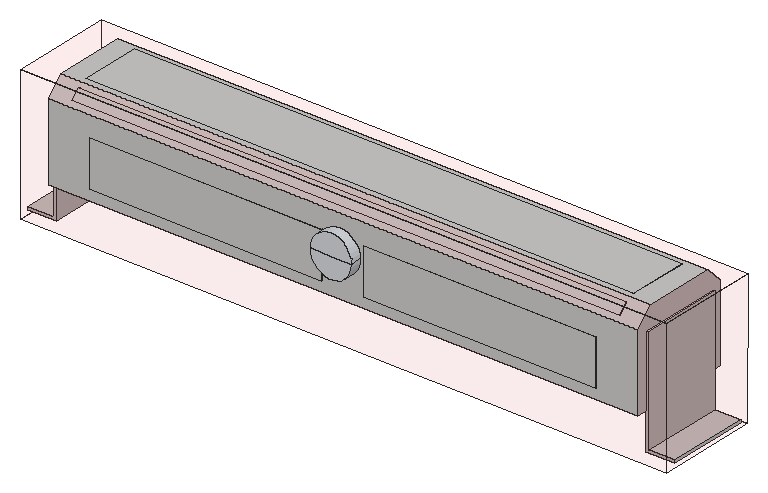
Revit family "Air-Curtain_Window-PassThru_PoweredAire_PTW", category Mechanical Equipment, host Face, Revit 2016
Family settings
  Host = Face
  Part Type = Normal
  Round Connector Dimension = Use Diameter
  OmniClass Number = 23.75.35.17.21
  OmniClass Title = Air Curtains
  Cut with Voids When Loaded = No
  Shared = No
  Room Calculation Point = No
Parameters (values of type "Elec Heat")
  Warranty Duration (Years) = 0
  Mounting Above Unit [instance] = not(Mounting Behind Unit)  # no
  Unit Width Notes = "Other Widths available."  # constant formula
  Unit Width = 2' - 7 1/4"
  Unit Weight = 21
  Unit Height = 0' - 4 15/16"
  Unit Depth = 0' - 4 1/2"
  URL = "http://www.poweredaire.com/"
  Test Data = ""
  Standards Conformance = "ETL  ;  Made in USA"
  Specification = "http://www.arcat.com/sdspecs/htm04/23_34_33pai.htm"
  SpecWizard = ""
  Sound Pressure = "50 dBA"
  Sales Information = "http://www.poweredaire.com/contact_us"
  Revision = "R1_2016-08"
  Projection from Host [instance] = 0' - 2"
  Product Properties = ""
  Product Data = "http://www.arcat.com/arcatcos/cos47/arc47623.html"
  Power Rating = 107 W
  Nozzle Width = if(1 = 1, Unit Width - 0' 1", 0' 0")  # 2' - 6 1/4"
  Mounting Width = if(1 = 1, Unit Width - 0' 0 15/16", 0' 0")  # 2' - 6 5/16"
  Mounting Height [instance] = 3' - 6"
  Mounting Behind Unit [instance] = yes
  Model = "PTW-24E"
  Max Height = 3' - 6"
  Manufacturer Website = "http://www.poweredaire.com/"
  Manufacturer Phone - Toll Free = "888-321-2473"
  Manufacturer Phone = "724-588-3305"
  Manufacturer Fax = "724-588-3371"
  Manufacturer Address = "109 Mortensen Rd.  Greenville, PA 16125"
  Manufacturer = "Powered Aire, Inc"
  Maintenance Schedule (Months) = 0
  Keynote = "23 34 33"
  Installation-Fabrication = ""
  Installation Phase = ""
  Include Clearance [instance] = yes
  Heating Element Load = 1200 W
  HVAC_Temperature Rise = 11 °F
  HVAC_Outlet Volume = 360 CFM
  HVAC_Outlet Velocity Uniformity = 0
  HVAC_Outlet Velocity = 1700 FPM
  Green Building-LEED = "http://www.arcat.com/green/clients/leed_data_47623.html"
  Front Grating Material [instance] = Metal - Steel - PoweredAire - Stainless 304 Perforated
  Frame Finish [instance] = Metal - Steel - PoweredAire - Stainless 304
  Expected Lifespan (Years) = 0
  Electrical_Wattage [instance] = Power Rating + Heating Element Load  # 1307 W
  Electrical_Voltage = 120 V
  Electrical_Phase [instance] = 1
  Electrical_Frequency [instance] = 0 Hz
  Electrical_Amperage = 11.2 A
  Drawn By = "Sumex Design, Inc. / Robert S. Weygant, CSI, CDT, SCIP"
  Description = "Powered Aire Electrically Heated PassThru Window Air Curtain - PTW-24E as Specified"
  Default Elevation = 0' - 0"  # constant formula
  Copyright = "©Arcat Inc."
  Construction Details = "http://www.arcat.com/details/powair/prod3336.html"
  Clearance_Top [instance] = 0' - 0"
  Clearance_Side B [instance] = 0' - 0"
  Clearance_Side A [instance] = 0' - 0"
  Clearance_Intake [instance] = 0' - 0"
  Clearance_Bottom [instance] = 0' - 0"
  Clearance Material [instance] = ARCAT Clearance
  Building Codes = ""
  Available Options [instance] = "as Specified"
  Assembly Code = "D3090400"
Types (2): name | Unit Width | Unit Weight | Nozzle Width | Mounting Width | Model | Heating Element Load | HVAC_Temperature Rise | Electrical_Wattage | Electrical_Amperage | Description
  Elec Heat | 2' - 7 1/4" | 21 | 2' - 6 1/4" | 2' - 6 5/16" | "PTW-24E" | 1200 W | 11 °F | 1307 W | 11.2 A | "Powered Aire Electrically Heated PassThru Window Air Curtain - PTW-24E as Specified"
  Unheated | 2' - 5 1/4" | 13 | 2' - 4 1/4" | 2' - 4 5/16" | "PTW-24" | 0 W | 0 °F | 107 W | 1.7 A | "Powered Aire Unheated PassThru Window Air Curtain - PTW-24 as Specified"
Reference planes (in)
  plane 1 "Center (Elevation)": y = 0.13818
  plane 2: z = 0
  plane 3 "Center (Left/Right)": x = 0
  plane 4: y = 2.60693
  plane 5: y = -2.33057
  plane 6: x = -15.625
  plane 7: x = 15.625
  plane 8: z = 6.5
  plane 9 "FF": y = -41.86182
  plane 10: z = 2
  plane 11: x = 14.25
  plane 12: x = -14.25
  plane 13: y = 2.60693
  plane 14: y = -2.33057
  plane 15: x = -15.625
  plane 16: x = 15.625
  plane 17: z = 6.5
  plane 18: z = 4.25
Forms (in)
  Extrusion 1, solid, material "ARCAT Clearance" <- "Clearance Material", visible <- "Include Clearance"
    sketch origin (0, 0, 0) x (0, 1, 0) y (0, 0, 1)
      loop
        line (-2.33057, 6.5) -> (-2.33057, 0) -> (2.60693, 0) -> (2.60693, 6.5) -> (-2.33057, 6.5)
    from -15.625 to 15.625
  Extrusion 2, solid, material "Metal - Steel - PoweredAire - Stainless 304" <- "Frame Finish"
    sketch origin (0, 0, 0) x (0, 1, 0) y (0, 0, 1)
      loop
        line (-2.33057, 2) -> (2.60693, 2) -> (2.60693, 5.75) -> (1.85693, 6.5) -> (-1.58057, 6.5) -> (-2.33057, 5.75) -> (-2.33057, 2)
    from -14.25 to 14.25
  Extrusion 3, solid, material "Metal - Steel - PoweredAire - Stainless 304" <- "Frame Finish", visible <- "Mounting Behind Unit"
    sketch origin (0, 0.13818, 0) x (1, 0, 0) y (0, 0, 1)
      loop
        line (-14.25, 5.5) -> (-14.375, 5.5) -> (-14.375, 0.375) -> (-15.625, 0.375) -> (-15.625, 0.25) -> (-14.25, 0.25) -> (-14.25, 5.5)
      loop
        line (14.25, 5.5) -> (14.25, 0.25) -> (15.625, 0.25) -> (15.625, 0.375) -> (14.375, 0.375) -> (14.375, 5.5) -> (14.25, 5.5)
    from 2 to -2
  Extrusion 4, solid, material "Metal - Steel - PoweredAire - Stainless 304" <- "Frame Finish", visible <- "Mounting Above Unit"
    sketch origin (0, 4.38818, 4.23682) x (0, -1, 0) y (1, 0, 0)
      loop
        line (5.5, -14.25) -> (0.25, -14.25) -> (0.25, -15.625) -> (0.375, -15.625) -> (0.375, -14.375) -> (5.5, -14.375) -> (5.5, -14.25)
      loop
        line (5.5, 14.25) -> (5.5, 14.375) -> (0.375, 14.375) -> (0.375, 15.625) -> (0.25, 15.625) -> (0.25, 14.25) -> (5.5, 14.25)
    from 2 to -2
  Extrusion 5, solid, material "Metal - Steel - PoweredAire - Stainless 304 Perforated" <- "Front Grating Material"
    sketch origin (0, 1.60693, 6.5) x (0, -1, 0) y (1, 0, 0)
      loop
        line (2.9375, 13.25) -> (0, 13.25) -> (0, -13.25) -> (2.9375, -13.25) -> (2.9375, 13.25)
    from 0 to 0.03125
  Extrusion 6, solid, material "Metal - Steel - PoweredAire - Stainless 304 Perforated" <- "Front Grating Material"
    sketch origin (0, 2.98193, 5.375) x (0, -0.707107, 0.707107) y (1, 0, 0)
      loop
        line (0.78033, -13.25) -> (1.34099, -13.25) -> (1.34099, 13.25) -> (0.78033, 13.25) -> (0.78033, -13.25)
    from 0 to 0.03125
  Extrusion 7, solid, material "Metal - Steel - PoweredAire - Stainless 304 Perforated" <- "Front Grating Material"
    sketch origin (0, -2.64307, 5.4375) x (0, 0.707107, 0.707107) y (-1, 0, 0)
      loop
        line (1.2526, 13.25) -> (0.69194, 13.25) -> (0.69194, -13.25) -> (1.2526, -13.25) -> (1.2526, 13.25)
    from 0 to 0.03125
  Extrusion 8, solid, material "Metal - Steel - PoweredAire - Stainless 304 Perforated" <- "Front Grating Material"
    sketch origin (0, -2.33057, 2) x (0, 0, 1) y (-1, 0, 0)
      loop
        line (2.75, 12.25) -> (0.5, 12.25) -> (0.5, 1) -> (2.75, 1) -> (2.75, 12.25)
      loop
        line (0.5, -12.25) -> (2.75, -12.25) -> (2.75, -1) -> (0.5, -1) -> (0.5, -12.25)
    from 0 to 0.03125
  Revolve 9, solid
    sketch origin (0, -3.61244, 4.25) x (0, -1, 0) y (1, 0, 0)
      loop
        line (-1.28187, 0) -> (-1.28187, -0.25) -> (-1.04725, -0.25) -> (-1.04725, -1) -> (-0.53187, -1) -> (-0.53187, 0) -> (-1.28187, 0)
      axis (-1.28187, 0) -> (-0.53187, 0)
    angle from 0 to 360
Dimensions and locks (in)
  equal spacing: plane 4, plane 1 "Center (Elevation)", plane 5
  "Unit Height": plane 4 to plane 5
  equal spacing: plane 6, plane 3 "Center (Left/Right)", plane 7
  "Unit Width": plane 6 to plane 7
  "Mounting Height": plane 1 "Center (Elevation)" to plane 9 "FF"
  "Projection from Host": plane 10 to level
  "Unit Depth": plane 8 to plane 10
  locked: plane 6 to plane 12 at 1.375
  locked: plane 11 to plane 7 at 1.375
  "Clearance_Side A": plane 7 to plane 16
  "Clearance_Side B": plane 15 to plane 6
  "Clearance_Top": plane 13 to plane 4
  "Clearance_Bottom": plane 5 to plane 14
  "Clearance_Intake": plane 17 to plane 8
  Extrusion 4 sketch curve to Extrusion 4 sketch curve to Extrusion 4 sketch curve to plane 5 = 0' - 0 1/8" locked, 0' - 5 1/8" locked, 0' - 1 7/32" locked  (x2)
  plane 8 to Extrusion 3 sketch curve to Extrusion 3 sketch curve to Extrusion 3 sketch curve = 0' - 1" locked, 0' - 5 1/8" locked, 0' - 0 1/8" locked  (x2)
  plane 12 to Extrusion 3 sketch curve to Extrusion 3 sketch curve to Extrusion 3 sketch curve = 0' - 0" locked, 0' - 0 1/8" locked, 0' - 1 1/4" locked
  Extrusion 3 sketch curve to Extrusion 3 sketch curve to plane 11 to Extrusion 3 sketch curve = 0' - 1 1/4" locked, 0' - 0 1/8" locked, 0' - 0" locked
  plane 11 to Extrusion 4 sketch curve to Extrusion 4 sketch curve to Extrusion 4 sketch curve = 0' - 0" locked, 0' - 0 1/8" locked, 0' - 1 1/4" locked
  Extrusion 4 sketch curve to Extrusion 4 sketch curve to plane 12 to Extrusion 4 sketch curve = 0' - 1 1/4" locked, 0' - 0 1/8" locked, 0' - 0" locked
  locked: plane 3 "Center (Left/Right)" to Extrusion 8 sketch curve at 1
  locked: Extrusion 8 sketch curve to plane 3 "Center (Left/Right)" at 1
  locked: Extrusion 8 sketch curve to plane 12 at 2
  locked: plane 11 to Extrusion 8 sketch curve at 2
  equal spacing: plane 8, plane 18, plane 10
  aligned and locked: plane 2 to host face
  aligned and locked: level to host face
  aligned and locked: Extrusion 1 sketch curve to plane 17
  aligned and locked: plane 14 to Extrusion 1 sketch curve
  aligned and locked: level to Extrusion 1 sketch curve
  aligned and locked: Extrusion 1 sketch curve to plane 13
  aligned and locked: plane 16 to Extrusion 1
  aligned and locked: Extrusion 1 to plane 15
  aligned and locked: Extrusion 2 to plane 12
  aligned and locked: plane 11 to Extrusion 2
Automatic sketch dimensions
  host sketch curve to host sketch curve = 8' - 0"  (x2)
  Extrusion 2 sketch curve to plane 5 = 0' - 0"
  Extrusion 2 sketch curve to plane 8 = 0' - 0"
  Extrusion 2 sketch curve to plane 4 = 0' - 0"
  Extrusion 2 sketch curve to plane 10 = 0' - 0"
  plane 5 to Extrusion 2 sketch curve = 0' - 0 3/4"
  Extrusion 2 sketch curve to plane 4 = 0' - 0 3/4"
  Extrusion 2 sketch curve to plane 8 = 0' - 0 3/4"  (x2)
  Extrusion 2 to Extrusion 5 sketch curve = 0' - 1"  (x2)
  Extrusion 2 to Extrusion 5 sketch curve = 0' - 0 1/4"
  Extrusion 5 sketch curve to Extrusion 2 = 0' - 0 1/4"
  Extrusion 2 to Extrusion 6 sketch curve = 0' - 1"  (x2)
  Extrusion 2 to Extrusion 6 sketch curve = 0' - 0 1/4"
  Extrusion 6 sketch curve to Extrusion 2 = 0' - 0 1/4"
  Extrusion 2 to Extrusion 7 sketch curve = 0' - 1"  (x2)
  Extrusion 2 to Extrusion 7 sketch curve = 0' - 0 1/4"  (x2)
  Extrusion 8 sketch curve to Extrusion 2 = 0' - 0 1/2"  (x2)
  Extrusion 8 sketch curve to Extrusion 2 = 0' - 1"  (x2)
  Revolve 9 sketch curve to plane 3 "Center (Left/Right)" = 0' - 0"  (x2)
  Revolve 9 sketch curve to plane 5 = 0' - 0"
  Revolve 9 sketch curve to plane 5 = 0' - 0.23461"
  Revolve 9 sketch curve to Revolve 9 sketch curve = 0' - 0.51539"
  Revolve 9 sketch curve to Revolve 9 sketch curve = 0' - 0 1/4"
  Revolve 9 sketch curve to Revolve 9 sketch curve = 0' - 0 3/4"
  plane 1 "Center (Elevation)" to Revolve 9 sketch curve = 0' - 0 7/32"
  plane 14 to Revolve 9 sketch curve = 0' - 0 1/2"
